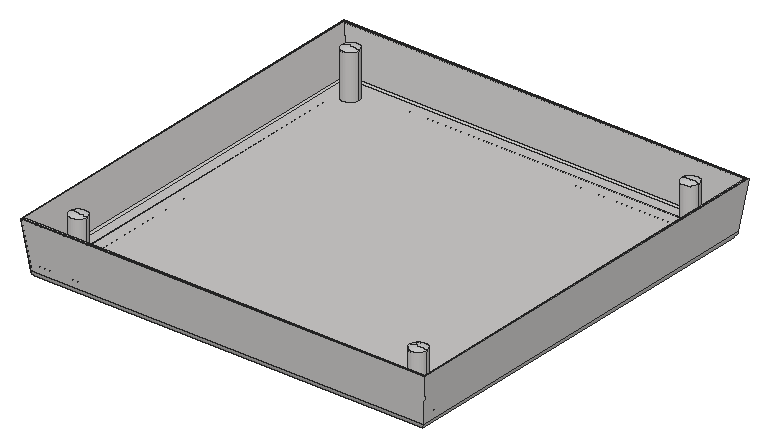
Revit family "NLRS_33_GM_FB_TC_STORAX_vloerluik_BVH-Maxi_BCB", category Generic Models, host Face, Revit 2014
Parameters (values of type "BVH-Maxi 88")
  vullen_met_beton = "ja"  # constant formula
  vergrendeling = "nee"  # constant formula
  uitwendige_lengte = 952 mm
  uitwendige_breedte = 952 mm
  sluiting = "4"  # constant formula
  scharnierend = "nee"  # constant formula
  rubberen_afdichting = "enkel"  # constant formula
  productgroep = "Vloerluiken"  # constant formula
  materiaal = bcb_staal
  inbouwhoogte [instance] = 75 mm
  geïsoleerd = "nee"  # constant formula
  gewicht = "40"
  gasdrukveer = "nee"  # constant formula
  brandwerend 90 min = "nee"  # constant formula
  binnenmaat_lengte = uitwendige_lengte - 152 mm  # 800 mm
  binnenmaat_breedte = uitwendige_breedte - 152 mm  # 800 mm
  binnenluik = "tbv betonvulling"  # constant formula
  belasting = "125 kN"  # constant formula
  URL = "http://www.storax.nl/producten/Staal/190/Type-BVH-MAXI"
  Model = "BV"  # constant formula
  Manufacturer = "Storax"  # constant formula
  Default Elevation = 0 mm
Types (4, lengths in mm): name | uitwendige_lengte | uitwendige_breedte | gewicht | binnenmaat_lengte | binnenmaat_breedte
  (no name) | 952 | 952 | "40" | 800 | 800
  BVH-Maxi 55 | 652 | 652 | "24" | 500 | 500
  BVH-Maxi 66 | 752 | 752 | "28" | 600 | 600
  BVH-Maxi 88 | 952 | 952 | "40" | 800 | 800
Reference planes
  plane 1 "Center (Front/Back)": y = 0
  plane 2: z = 0
  plane 3 "Center (Left/Right)": x = 0
  plane 4: y = 476
  plane 5: y = -476
  plane 6: x = 476
  plane 7: x = -476
  plane 8: z = -125
  plane 9: x = -400
  plane 10: y = 400
  plane 11: y = -400
  plane 12: x = 400
  plane 13: x = -314
  plane 14: x = 314
  plane 15: y = -314
  plane 16: y = 314
Forms (mm)
  Sweep 1, solid, material "bcb_staal" <- "materiaal", detail levels medium+fine
    path origin (0, 0, 0) x (1, 0, 0) y (0, 1, 0)
      loop
        line (-476, 476) -> (-476, -476) -> (476, -476) -> (476, 476) -> (-476, 476)
    profile origin (-476, 0, 0) x (-1, 0, 0) y (0, 0, 1)
      loop
        line (-74, -127.809) -> (-74, -111.309)
        arc (-74, -111.309) -> (-71.173, -107.874) -> (-67.259, -109.988) r 3.5
        line (-67.259, -109.988) -> (-66.218, -112.459)
        arc (-66.218, -112.459) -> (-57.538, -117.774) -> (-49.981, -110.957) r 8.502
        line (-49.981, -110.957) -> (-49.443, -108.228)
        arc (-49.443, -108.228) -> (-46.208, -105.822) -> (-43.5, -108.809) r 3
        line (-43.5, -108.809) -> (-43.5, -109.709)
        arc (-43.5, -109.709) -> (-29.413, -124.686) -> (-13.61, -111.531) r 15
        line (-13.61, -111.531) -> (0, 0) -> (-2.01, 0) -> (-15.596, -111.294)
        arc (-15.596, -111.294) -> (-29.289, -122.694) -> (-41.5, -109.718) r 13
        line (-41.5, -109.718) -> (-41.5, -108.812)
        arc (-41.5, -108.812) -> (-46.013, -103.836) -> (-51.405, -107.842) r 5
        line (-51.405, -107.842) -> (-51.944, -110.569)
        arc (-51.944, -110.569) -> (-57.661, -115.775) -> (-64.312, -111.831) r 6.5
        line (-64.312, -111.831) -> (-65.408, -109.228)
        arc (-65.408, -109.228) -> (-71.56, -105.912) -> (-76, -111.309) r 5.5
        line (-76, -111.309) -> (-76, -127.809) -> (-74, -127.809)
  Sweep 2, solid, material "bcb_staal" <- "materiaal", detail levels medium+fine
    path origin (0, 0, 0) x (1, 0, 0) y (0, 1, 0)
      loop
        line (-476, 476) -> (-476, -476) -> (476, -476) -> (476, 476) -> (-476, 476)
    profile origin (-476, 0, 0) x (-1, 0, 0) y (0, 0, 1)
      loop
        line (-2.272, 0) -> (-4.391, 0) -> (-20.947, -97.645)
        arc (-20.947, -97.645) -> (-22.65, -100.628) -> (-25.877, -101.809) r 5
        line (-25.877, -101.809) -> (-67.5, -101.809) -> (-67.5, -103.809) -> (-25.877, -103.809)
        arc (-25.877, -103.809) -> (-21.362, -102.158) -> (-18.977, -97.985) r 7
        line (-18.977, -97.985) -> (-2.272, 0)
  Sweep 3, solid, material "bcb_staal" <- "materiaal", detail levels coarse
    path origin (0, 0, 0) x (1, 0, 0) y (0, 1, 0)
      loop
        line (-476, 476) -> (-476, -476) -> (476, -476) -> (476, 476) -> (-476, 476)
    profile origin (-476, 0, 0) x (-1, 0, 0) y (0, 0, 1)
      loop
        line (0, 0) -> (-4.382, 0) -> (-21.677, -102) -> (-76, -102) -> (-76, -125) -> (-15.254, -125) -> (0, 0)
  Extrusion 4, solid, material "bcb_staal" <- "materiaal", detail levels medium+fine
    sketch origin (0, 0, 0) x (1, 0, 0) y (0, 1, 0)
      loop
        line (-408.5, 408.5) -> (-408.5, -408.5) -> (408.5, -408.5) -> (408.5, 408.5) -> (-408.5, 408.5)
    from -103.8 to -101.8
  Extrusion 5, solid, material "bcb_staal" <- "materiaal", detail levels coarse
    sketch origin (0, 0, 0) x (1, 0, 0) y (0, 1, 0)
      loop
        line (-408.5, 408.5) -> (-408.5, -408.5) -> (408.5, -408.5) -> (408.5, 408.5) -> (-408.5, 408.5)
    from -125 to -102
  Extrusion 6, void
    sketch origin (0, 0, 0) x (1, 0, 0) y (0, 1, 0)
      loop
        line (-314, -314) -> (314, -314) -> (314, 314) -> (-314, 314) -> (-314, -314)
    from -500 to 10
  Sweep 7, void
    path origin (0, 0, 0) x (1, 0, 0) y (0, 1, 0)
      loop
        line (-476, 476) -> (-476, -476) -> (476, -476) -> (476, 476) -> (-476, 476)
    profile origin (-476, 0, 0) x (-1, 0, 0) y (0, 0, 1)
      loop
        line (-15.254, -125) -> (0.61, 5) -> (-162, 5) -> (-162, -365) -> (-65.5, -365) -> (-65.5, -125) -> (-15.254, -125)
Cuts and joins
  joined: Sweep 2, Extrusion 4
  joined: Sweep 3, Extrusion 5
Text (mm)
  text "Indien u deze familie geopend hebt vanuit het project via Edit Family: Niet Opslaan!\n\nOpen de familie via File - Open Family om de familie aan te passen.\n\n\n\nMocht u zelf aanpassingen willen aanbrengen in een type van de family, \n\npak dan het type maatwerk en neem contact op met Storax." at (-0.374, 589.999, 0), in view "Ref. Level"
Dimensions and locks
  equal spacing: plane 7, plane 3 "Center (Left/Right)", plane 6
  "uitwendige_breedte": plane 7 to plane 6
  equal spacing: plane 4, plane 1 "Center (Front/Back)", plane 5
  "uitwendige_lengte": plane 4 to plane 5
  locked: plane 4 to plane 10 at 76
  locked: plane 7 to plane 9 at 76
  locked: plane 12 to plane 6 at 76
  locked: plane 5 to plane 11 at 76
  locked: plane 9 to plane 13 at 86
  locked: plane 14 to plane 12 at 86
  locked: plane 15 to plane 11 at 86
  locked: plane 10 to plane 16 at 86
  plane 2 to plane 8 = 125 mm
  aligned and locked: plane 2 to host face
  aligned and locked: level to host face
  aligned and locked: Sweep 1 sketch curve to plane 4
  aligned and locked: plane 7 to Sweep 1 sketch curve
  aligned and locked: plane 5 to Sweep 1 sketch curve
  aligned and locked: Sweep 1 sketch curve to plane 6
  aligned and locked: Extrusion 6 to plane 16
  aligned and locked: Extrusion 6 to plane 14
  aligned and locked: Extrusion 6 to plane 15
  aligned and locked: Extrusion 6 to plane 13
  aligned and locked: Sweep 7 sketch curve to plane 4
  aligned and locked: Sweep 7 sketch curve to plane 6
  aligned and locked: plane 5 to Sweep 7 sketch curve
  aligned and locked: plane 7 to Sweep 7 sketch curve
  aligned and locked: nested 2 to plane 10
  aligned and locked: nested 3 to plane 10
  aligned and locked: nested 3 to plane 12
  aligned and locked: plane 9 to nested 2
  aligned and locked: plane 11 to nested 1
  aligned and locked: plane 11 to nested 4
  aligned and locked: nested 4 to plane 12
  aligned and locked: plane 9 to nested 1
Automatic sketch dimensions
  host sketch curve to host sketch curve = 2000 mm  (x2)
  Extrusion 6 sketch curve to plane 11 = 86 mm
  Extrusion 6 sketch curve to plane 1 "Center (Front/Back)" = 314 mm
  Extrusion 6 sketch curve to plane 13 = 0 mm
  Extrusion 6 sketch curve to plane 14 = 0 mm
  Extrusion 5 sketch curve to plane 9 = 8.5 mm
  plane 10 to Extrusion 5 sketch curve = 8.5 mm
  profile plane to Sweep 3 sketch curve = 76 mm
  profile plane to Sweep 3 sketch curve = 21.677 mm
  profile plane to Sweep 3 sketch curve = 15.254 mm
  level to Sweep 3 sketch curve = 0 mm
  profile plane to Sweep 3 sketch curve = 4.382 mm
  Sweep 3 sketch curve to profile plane = 0 mm
  Sweep 3 sketch curve to level = 102 mm
  Sweep 3 sketch curve to Sweep 3 sketch curve = 23 mm
  Sweep 2 sketch curve to plane 5 = 0 mm
  Sweep 2 sketch curve to plane 7 = 0 mm
  Sweep 2 sketch curve to plane 6 = 0 mm
  Sweep 2 sketch curve to plane 4 = 0 mm
  Sweep 3 sketch curve to plane 5 = 0 mm
  Sweep 3 sketch curve to plane 7 = 0 mm
  Sweep 3 sketch curve to plane 6 = 0 mm
  Sweep 3 sketch curve to plane 4 = 0 mm
  Extrusion 4 sketch curve to plane 9 = 8.5 mm
  Extrusion 4 sketch curve to plane 12 = 8.5 mm
  plane 11 to Extrusion 4 sketch curve = 8.5 mm
  plane 10 to Extrusion 4 sketch curve = 8.5 mm
  Extrusion 5 sketch curve to plane 12 = 8.5 mm
  plane 11 to Extrusion 5 sketch curve = 8.5 mm
  profile plane to Sweep 2 sketch curve = 25.877 mm
  Sweep 2 sketch curve to Sweep 2 sketch curve = 0 mm
  Sweep 2 sketch curve to Sweep 2 sketch curve = 4.93 mm
  Sweep 2 sketch curve to Sweep 2 sketch curve = 1.971 mm
  profile plane to Sweep 2 sketch curve = 4.391 mm
  Sweep 2 sketch curve to Sweep 2 sketch curve = 2.118 mm
  Sweep 2 sketch curve to level = 103.809 mm
  Sweep 2 sketch curve to Sweep 2 sketch curve = 2 mm
  Sweep 2 sketch curve to Sweep 2 sketch curve = 3.824 mm
  Sweep 2 sketch curve to Sweep 2 sketch curve = 0.34 mm
  Sweep 2 sketch curve to Sweep 2 sketch curve = 97.985 mm
  Sweep 2 sketch curve to Sweep 2 sketch curve = 41.623 mm
  level to Sweep 1 sketch curve = 0 mm
  Sweep 1 sketch curve to profile plane = 0 mm
  profile plane to Sweep 1 sketch curve = 2.01 mm
  profile plane to Sweep 1 sketch curve = 13.61 mm
  Sweep 1 sketch curve to Sweep 1 sketch curve = 1.986 mm
  Sweep 1 sketch curve to Sweep 1 sketch curve = 12.904 mm
  Sweep 1 sketch curve to Sweep 1 sketch curve = 0 mm  (x6)
  Sweep 1 sketch curve to Sweep 1 sketch curve = 13 mm
  Sweep 1 sketch curve to Sweep 1 sketch curve = 2 mm  (x2)
  Sweep 1 sketch curve to Sweep 1 sketch curve = 3 mm
  Sweep 1 sketch curve to Sweep 1 sketch curve = 2.943 mm
  Sweep 1 sketch curve to Sweep 1 sketch curve = 0.538 mm
  Sweep 1 sketch curve to Sweep 1 sketch curve = 1.962 mm
  Sweep 1 sketch curve to Sweep 1 sketch curve = 1.963 mm
  Sweep 1 sketch curve to Sweep 1 sketch curve = 6.377 mm
  Sweep 1 sketch curve to Sweep 1 sketch curve = 5.991 mm
  Sweep 1 sketch curve to Sweep 1 sketch curve = 1.096 mm
  Sweep 1 sketch curve to Sweep 1 sketch curve = 1.906 mm
  Sweep 1 sketch curve to Sweep 1 sketch curve = 1.85 mm
  Sweep 1 sketch curve to Sweep 1 sketch curve = 3.241 mm
  Sweep 1 sketch curve to Sweep 1 sketch curve = 3.5 mm
  Sweep 1 sketch curve to level = 108.228 mm
  Sweep 1 sketch curve to Sweep 1 sketch curve = 0.386 mm
  Sweep 1 sketch curve to Sweep 1 sketch curve = 0.004 mm
  Sweep 1 sketch curve to Sweep 1 sketch curve = 1.386 mm
  Sweep 1 sketch curve to Sweep 1 sketch curve = 1.466 mm
  Sweep 1 sketch curve to Sweep 1 sketch curve = 0.9 mm
  Sweep 1 sketch curve to Sweep 1 sketch curve = 0.902 mm
  Sweep 1 sketch curve to Sweep 1 sketch curve = 0.005 mm
  Sweep 1 sketch curve to Sweep 1 sketch curve = 0.76 mm
  Sweep 1 sketch curve to Sweep 1 sketch curve = 2.727 mm
  Sweep 1 sketch curve to Sweep 1 sketch curve = 0.388 mm
  Sweep 1 sketch curve to Sweep 1 sketch curve = 16.5 mm
  level to Sweep 7 sketch curve = 5 mm
  profile plane to Sweep 7 sketch curve = 162 mm
  profile plane to Sweep 7 sketch curve = 65.5 mm
  Sweep 7 sketch curve to level = 125 mm
  Sweep 7 sketch curve to Sweep 7 sketch curve = 240 mm
  profile plane to Sweep 7 sketch curve = 15.254 mm
  Sweep 7 sketch curve to profile plane = 0.61 mm
Nested families
  nested 1: "NLRS_33_GM_FB_TC_STORAX_vloerluik_BVH-Maxi_BCB_Inbusbout" at (-400, -400, -101.809), type "NLRS_33_GM_FB_TC_STORAX_vloerluik_BVH-Maxi_BCB_Inbusbout"
  nested 2: "NLRS_33_GM_FB_TC_STORAX_vloerluik_BVH-Maxi_BCB_Inbusbout" at (-400, 400, -101.809), type "NLRS_33_GM_FB_TC_STORAX_vloerluik_BVH-Maxi_BCB_Inbusbout"
  nested 3: "NLRS_33_GM_FB_TC_STORAX_vloerluik_BVH-Maxi_BCB_Inbusbout" at (400, 400, -101.809), type "NLRS_33_GM_FB_TC_STORAX_vloerluik_BVH-Maxi_BCB_Inbusbout"
  nested 4: "NLRS_33_GM_FB_TC_STORAX_vloerluik_BVH-Maxi_BCB_Inbusbout" at (400, -400, -101.809), type "NLRS_33_GM_FB_TC_STORAX_vloerluik_BVH-Maxi_BCB_Inbusbout"
Definition of nested family "NLRS_33_GM_FB_TC_STORAX_vloerluik_BVH-Maxi_BCB_Inbusbout"
  Parameters (values of type "NLRS_33_GM_FB_TC_STORAX_vloerluik_BVH-Maxi_BCB_Inbusbout")
    materiaal = bcb_staal
    Default Elevation = 1219.2 mm
  Reference planes
    plane 1 "Center (Front/Back)": y = 0
    plane 2: z = 0
    plane 3 "Center (Left/Right)": x = 0
  Forms (mm)
    Extrusion 1, solid, not visible
      sketch origin (0, 0, 0) x (1, 0, 0) y (0, 1, 0)
        loop
          line (-250, 250) -> (-250, -250) -> (250, -250) -> (250, 250) -> (-250, 250)
      from 0 to -100
    Extrusion 2, solid, material "bcb_staal" <- "materiaal", detail levels medium+fine
      sketch origin (0, 0, 0) x (1, 0, 0) y (0, 1, 0)
        loop
          circle (0, 0) r 20
      from 0 to 103.8
    Revolve 3, solid, material "bcb_kunststof", detail levels medium+fine
      sketch origin (0, 0, 51.8) x (1, 0, 0) y (0, 0, 1)
        loop
          line (-20, 52) -> (0, 52) -> (0, 56)
          arc (0, 56) -> (-10.198, 54.99) -> (-20, 52) r 52
        axis (0, 56) -> (0, 52)
      angle from 0 to 360
  Dimensions and locks
    aligned and locked: plane 2 to Extrusion 1
    aligned and locked: level to Extrusion 1
